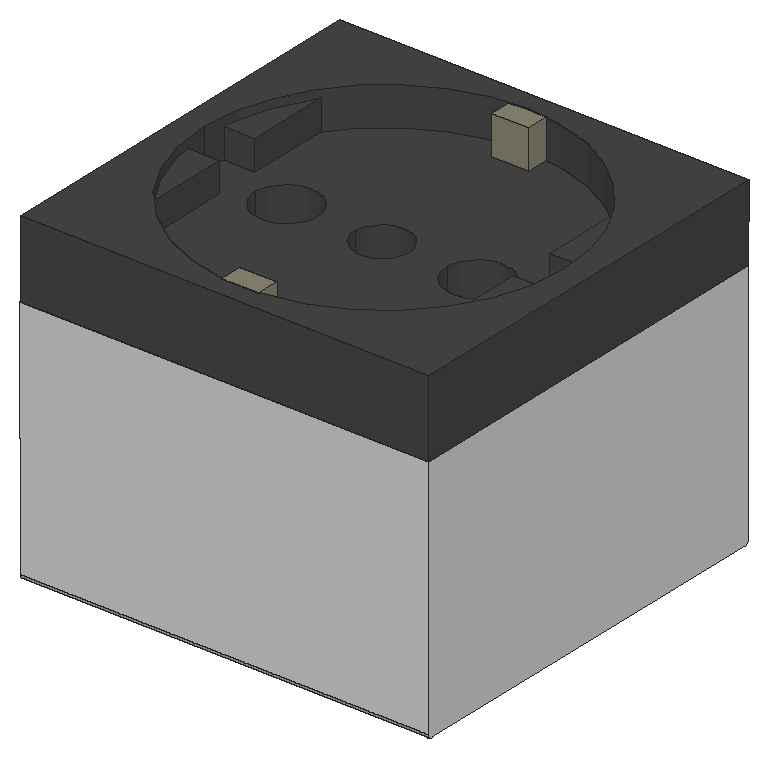
Revit family "Domotics-DomesticRanges-GEWISS-SYSTEM_POWER-SOCKET-OUTLET_ITADEU_P30_16A", category Apparecchi elettrici, host Superficie, Revit 2016
Family settings
  Host = Superficie
  Mantenere orientamento annotazione = Sì
  Tipo di parte = Normale
  Quota connettore circolare = Usa diametro
  Numero OmniClass = 23.80.50.14
  Titolo OmniClass = Plug Connectors
  Taglio con vuoti quando caricato = No
  Condiviso = Sì
  Punto di calcolo locali = Sì
Parameters (values of type "GW21205 - 16A 2P+E ITALIAN/GERMAN S.-OUTLET SY/BK")
  Voltage: = "250 V ac"
  Vista di pianta [instance] = yes
  Version file RFA = "19.4"
  URL = "https://www.gewiss.com/ww/en"
  Type = "P30"
  Tipo_ = SYSTEM-PRESA-ITA GER-P30-16A_BASE : GW21205 - PRESA 2P+T 16A ST.ITALIANO/TED.SY/BK
  Technical sheet = "https://www.gewiss.com/ww/en/search?q=GW21205"
  Standard: = "Italian / German"
  Simbolo = SIMBOLO PRESE : PRESA
  SIMBOLO [instance] = yes
  SEO = "Socket outlet"
  Realized by GEWISS S.p.A. = ""
  Produttore = "GEWISS S.p.A."
  Offset bidimensionale [instance] = 2 mm
  Offset presa [instance] = 0 mm
  No. SYSTEM modules = "2"
  Modello = "GW21205"
  Larghezza presa = 46 mm
  IFC.TypeObject = ""
  IFC.ExportType = ""
  IFC.ExportAs = ""
  IDT = "df81c5e5-2c0c-4c2a-931f-c685a58514bb"
  IDF = "c6428bf3-62b9-440f-ad57-68dc78301340"
  GW - Testo elettrico = "UNEL"
  For plug pins = "Ø 4 / 4.8 mm"
  Electrocod = "0131                "
  Earth pit = "Side and central"
  EAN code = "8011564128415"
  Distanza_x [instance] = 0 mm
  Distanza_effettiva_x [instance] = 1500 mm - Distanza_x  # 1500 mm
  Default Elevation = 1219.2 mm
  Immagine tipo = GW21205.jpg
  Descrizione = "16A 2P+E ITALIAN/GERMAN S.-OUTLET SY/BK"
  Description: = "2P+E - 16A"
  Description. = "Dual amperage socket-outlet"
  Colour = "Black"
  Catalogue Range = "SYSTEM - DOMESTIC RANGE"
  Catalogue = "DOMOTICS"
  COBie.Tagnumber = ""
  COBie.CreatedOn = ""
  COBie.CreatebBy = ""
  COBie.ComponentRegisterItemID = ""
  COBie.Component.TagNumber = ""
  COBie.Component.Space = ""
  COBie.Component.SerialNumber = ""
  COBie.Component.InstallationDate = ""
  COBie.Component.Description = ""
  COBie.Component.BarCode = ""
Types (2, lengths in mm): name | Tipo_ | Technical sheet | Modello | IDT | EAN code | Immagine tipo | Descrizione | Description. | Colour
  GW20205 - 16A 2P+E ITALIAN/GERMAN S.-OUTLET SY/WT | SYSTEM-PRESA-ITA GER-P30-16A_BASE : GW20205 - PRESA 2P+T 16A ST.ITALIANO/TED.SY/WT | "https://www.gewiss.com/ww/en/search?q=GW20205" | "GW20205" | "368461b2-458b-4017-84dd-a686561d8390" | "8011564000575" | GW20205.jpg | "16A 2P+E ITALIAN/GERMAN S.-OUTLET SY/WT" | "Socket-outlet 16 A" | "White"
  GW21205 - 16A 2P+E ITALIAN/GERMAN S.-OUTLET SY/BK | SYSTEM-PRESA-ITA GER-P30-16A_BASE : GW21205 - PRESA 2P+T 16A ST.ITALIANO/TED.SY/BK | "https://www.gewiss.com/ww/en/search?q=GW21205" | "GW21205" | "df81c5e5-2c0c-4c2a-931f-c685a58514bb" | "8011564128415" | GW21205.jpg | "16A 2P+E ITALIAN/GERMAN S.-OUTLET SY/BK" | "Dual amperage socket-outlet" | "Black"
Reference planes
  plane 1 "Centro (Fronte/Retro)": y = 0
  plane 2: z = 0
  plane 3 "Centro (Sinistra/Destra)": x = 0
  plane 4: z = 0
  plane 5 "bidimensionale": z = 41
  plane 6: x = 0
  plane 7: x = -23
  plane 8: x = 23
  plane 9: z = 39
  plane 10: y = 22.5
  plane 11: y = -22.5
  plane 12: x = -1500
Lines and regions (mm)
  Masking region 1, visible <- "Vista di pianta"
    outline origin (0, 0, 0) x (1, 0, 0) y (0, 0, 1)
      loop
        line (-23, 39) -> (-23, 0) -> (23, 0) -> (23, 39) -> (-23, 39)
  model lines, style "PRESA", detail levels coarse
    curve 1: line (-23, 2.538, 41) -> (23, 2.538, 41)
    curve 2: line (-23, -20.345, 41) -> (-23, 2.538, 41)
    curve 3: line (23, -20.345, 41) -> (-23, -20.345, 41)
    curve 4: line (23, 2.538, 41) -> (23, -20.345, 41)
    curve 5: arc (-20.345, 0, 41) -> (0, 20.345, 41) -> (20.345, 0, 41) r 20.345
    curve 6: arc (20.345, 0, 41) -> (0, -20.345, 41) -> (-20.345, 0, 41) r 20.345
    curve 7: line (-16.577, -11.795, 41) -> (-16.577, -2.538, 41)
    curve 8: line (-16.577, -2.538, 41) -> (-20.187, -2.538, 41)
    curve 9: line (-20.187, 2.538, 41) -> (-16.577, 2.538, 41)
    curve 10: line (-16.577, 2.538, 41) -> (-16.577, 11.795, 41)
    curve 11: arc (-7.245, -0.293, 41) -> (-10.781, 3.242, 41) -> (-14.316, -0.293, 41) r 3.536
    curve 12: arc (-14.316, -0.293, 41) -> (-10.781, -3.829, 41) -> (-7.245, -0.293, 41) r 3.536
    curve 13: arc (-3.085, -0.293, 41) -> (0, -3.378, 41) -> (3.085, -0.293, 41) r 3.085
    curve 14: arc (3.085, -0.293, 41) -> (0, 2.792, 41) -> (-3.085, -0.293, 41) r 3.085
    curve 15: arc (7.245, -0.293, 41) -> (10.781, -3.829, 41) -> (14.316, -0.293, 41) r 3.536
    curve 16: arc (14.316, -0.293, 41) -> (10.781, 3.242, 41) -> (7.245, -0.293, 41) r 3.536
    curve 17: line (16.577, 2.538, 41) -> (20.187, 2.538, 41)
    curve 18: line (16.577, 11.795, 41) -> (16.577, 2.538, 41)
    curve 19: line (20.187, -2.538, 41) -> (16.577, -2.538, 41)
    curve 20: line (16.577, -2.538, 41) -> (16.577, -11.795, 41)
    curve 21: line (-2.056, 20.241, 41) -> (-2.056, 17.726, 41)
    curve 22: line (-2.056, 17.726, 41) -> (2.056, 17.726, 41)
    curve 23: line (2.056, 17.726, 41) -> (2.056, 20.241, 41)
    curve 24: line (2.056, -17.726, 41) -> (-2.056, -17.726, 41)
    curve 25: line (2.056, -20.241, 41) -> (2.056, -17.726, 41)
    curve 26: line (-2.056, -17.726, 41) -> (-2.056, -20.241, 41)
Dimensions and locks
  "Offset presa": plane 4 to host face
  equal spacing: plane 7, plane 3 "Centro (Sinistra/Destra)", plane 8
  "Larghezza presa": plane 7 to plane 8
  locked: plane 9 to plane 4 at 39
  locked: plane 10 to plane 11 at 45
  "Offset bidimensionale": plane 5 "bidimensionale" to plane 9
  "Distanza_effettiva_x": plane 12 to plane 6
  plane 12 to plane 3 "Centro (Sinistra/Destra)" = 1500 mm
  aligned and locked: plane 2 to host face
  aligned and locked: level to host face
  aligned and locked: plane 1 "Centro (Fronte/Retro)" to nested 1
  aligned and locked: plane 3 "Centro (Sinistra/Destra)" to nested 1
  aligned and locked: plane 6 to nested 2
  aligned and locked: Masking region 1 sketch curve to plane 9
  aligned and locked: plane 7 to Masking region 1 sketch curve
  aligned and locked: plane 4 to Masking region 1 sketch curve
Automatic sketch dimensions
  host sketch curve to host sketch curve = 2438.4 mm  (x2)
  plane 1 "Centro (Fronte/Retro)" to curve 5 = 0 mm
  curve 6 to plane 3 "Centro (Sinistra/Destra)" = 0 mm
  curve 6 to curve 5 = 20.345 mm
  plane 1 "Centro (Fronte/Retro)" to curve 7 = 2.538 mm
  curve 7 to curve 7 = 9.258 mm
  curve 1 to curve 5 = 2.655 mm
  curve 9 to plane 1 "Centro (Fronte/Retro)" = 2.538 mm
  curve 9 to curve 9 = 3.609 mm
  plane 1 "Centro (Fronte/Retro)" to curve 11 = 0.293 mm
  curve 7 to curve 11 = 5.796 mm
  curve 7 to curve 11 = 2.261 mm
  curve 14 to plane 3 "Centro (Sinistra/Destra)" = 0 mm
  plane 1 "Centro (Fronte/Retro)" to curve 14 = 0.293 mm
  curve 13 to curve 13 = 3.085 mm
  plane 1 "Centro (Fronte/Retro)" to curve 16 = 0.293 mm
  curve 13 to curve 16 = 7.696 mm
  curve 15 to curve 15 = 3.536 mm
  curve 17 to plane 1 "Centro (Fronte/Retro)" = 2.538 mm
  curve 17 to curve 17 = 3.609 mm
  plane 1 "Centro (Fronte/Retro)" to curve 19 = 2.538 mm
  curve 15 to curve 19 = 2.261 mm
  curve 21 to plane 3 "Centro (Sinistra/Destra)" = 2.056 mm
  curve 21 to curve 21 = 2.515 mm
  plane 3 "Centro (Sinistra/Destra)" to curve 22 = 2.056 mm
  plane 3 "Centro (Sinistra/Destra)" to curve 25 = 2.056 mm
  curve 25 to curve 25 = 2.515 mm
  curve 24 to plane 3 "Centro (Sinistra/Destra)" = 2.056 mm
  curve 1 to plane 8 = 0 mm
  curve 1 to plane 1 "Centro (Fronte/Retro)" = 2.538 mm
  plane 11 to curve 3 = 2.155 mm
  Masking region 1 sketch curve to plane 8 = 0 mm
Nested families
  nested 1: "SYSTEM-PRESA-ITA GER-P30-16A_BASE" at (0, 0, 0), type <- "Tipo_", type "GW21205 - PRESA 2P+T 16A ST.ITALIANO/TED.SY/BK"
  nested 2: "SIMBOLO PRESE" at (0, 90.928, 0), TESTO ELETTRICO <- "GW - Testo elettrico", type <- "Simbolo", SIMBOLO <- "SIMBOLO", type "PRESA"
    with TESTO ELETTRICO "UNEL", SIMBOLO yes, Distanza dal muro 1 mm, BORDO ACCESO yes
Connectors
  electrical at (0, 0, 0)
    settings: on nested 1, index 1, voltage 0 V, apparent load 0 VA, apparent load phase1 0 VA, apparent load phase2 0 VA, apparent load phase3 0 VA, power factor 1, load classification "Other", number of poles 1, system type 31, power factor state 1, is connector primary yes, connector utility no, sub classification motor no, connector description ""
Definition of nested family "SYSTEM-PRESA-ITA GER-P30-16A_BASE"
  Parameters (values of type "GW21205 - PRESA 2P+T 16A ST.ITALIANO/TED.SY/BK")
    Struttura = none
    Pulsante = none
    Profondità supporto = 28.04 mm
    Profondità presa = 36.7 mm
    Metallo = none
    Larghezza presa = 46 mm
    Distanza simbolo = 30 mm
    Bidimensionale = 44.7 mm
    Altezza simbolo = 30 mm
    Altezza presa = 45 mm
  Types (2): name
    GW20205 - PRESA 2P+T 16A ST.ITALIANO/TED.SY/WT
    GW21205 - PRESA 2P+T 16A ST.ITALIANO/TED.SY/BK
  Reference planes
    plane 1 "Centro (Fronte/Retro)": y = 0
    plane 2: z = 0
    plane 3 "Centro (Sinistra/Destra)": x = 0
    plane 4: x = -23
    plane 5: x = 23
    plane 6: y = 22.5
    plane 7: y = -22.5
    plane 8 "PIANO BIDIMENSIONALE": z = 44.7
    plane 9: z = 28.04
    plane 10: z = 36.7
    plane 11: z = 32.37
  Forms (mm)
    Extrusion 1, solid, material <- "Struttura", detail levels medium+fine
      sketch origin (0, 0, 0) x (0, 1, 0) y (0, 0, 1)
        loop
          line (22.5, 0.5) -> (22.5, 28.04) -> (-22.5, 28.04) -> (-22.5, 0.5)
          arc (-22.5, 0.5) -> (-22.354, 0.146) -> (-22, 0) r 0.5
          line (-22, 0) -> (22, 0)
          arc (22, 0) -> (22.354, 0.146) -> (22.5, 0.5) r 0.5
      from -23 to 23
    Extrusion 2, solid, material <- "Pulsante", detail levels medium+fine
      sketch origin (0, 0, 0) x (0, 1, 0) y (0, 0, 1)
        loop
          line (-22.5, 28.04) -> (22.5, 28.04) -> (22.5, 32.37) -> (-22.5, 32.37) -> (-22.5, 28.04)
      from -23 to 23
    Extrusion 3, void, detail levels medium+fine
      sketch origin (0, 0, 44.7) x (-1, 0, 0) y (0, -1, 0)
        loop
          circle (10.781, 0.293) r 3.536
        loop
          circle (-10.781, 0.293) r 3.536
        loop
          circle (0, 0.293) r 3.085
      from -16.66 to -12.33
    Extrusion 4, solid, material <- "Pulsante", detail levels medium+fine
      sketch origin (0, 0, 44.7) x (-1, 0, 0) y (0, -1, 0)
        loop
          line (23, -22.5) -> (23, 22.5) -> (-23, 22.5) -> (-23, -22.5) -> (23, -22.5)
        loop
          circle (0, 0) r 20.345
      from -12.33 to -8
    Extrusion 5, solid, material <- "Metallo", detail levels medium+fine
      sketch origin (0, 0, 44.7) x (-1, 0, 0) y (0, -1, 0)
        loop
          line (2.056, -20.241) -> (2.056, -17.726) -> (-2.056, -17.726) -> (-2.056, -20.241)
          arc (-2.056, -20.241) -> (0, -20.345) -> (2.056, -20.241) r 20.345
        loop
          arc (2.056, 20.241) -> (0, 20.345) -> (-2.056, 20.241) r 20.345
          line (-2.056, 20.241) -> (-2.056, 17.726) -> (2.056, 17.726) -> (2.056, 20.241)
      from -12.33 to -8
    Extrusion 6, solid, material <- "Pulsante", detail levels medium+fine
      sketch origin (0, 0, 44.7) x (-1, 0, 0) y (0, -1, 0)
        loop
          line (16.577, -2.538) -> (16.577, -11.795)
          arc (16.577, -11.795) -> (18.956, -7.39) -> (20.187, -2.538) r 20.345
          line (20.187, -2.538) -> (16.577, -2.538)
        loop
          line (16.577, 2.538) -> (20.187, 2.538)
          arc (20.187, 2.538) -> (18.956, 7.39) -> (16.577, 11.795) r 20.345
          line (16.577, 11.795) -> (16.577, 2.538)
        loop
          line (-16.577, -2.538) -> (-20.187, -2.538)
          arc (-20.187, -2.538) -> (-18.956, -7.39) -> (-16.577, -11.795) r 20.345
          line (-16.577, -11.795) -> (-16.577, -2.538)
        loop
          line (-16.577, 2.538) -> (-16.577, 11.795)
          arc (-16.577, 11.795) -> (-18.956, 7.39) -> (-20.187, 2.538) r 20.345
          line (-20.187, 2.538) -> (-16.577, 2.538)
      from -12.33 to -8.935
  Cuts and joins
    Extrusion 3 cuts Extrusion 2
    joined: Extrusion 2, Extrusion 4
  Lines and regions (mm)
    Masking region 1
      outline origin (0, 0, 44.7) x (-1, 0, 0) y (0, -1, 0)
        loop
          line (23, -22.5) -> (23, 22.5) -> (-23, 22.5) -> (-23, -22.5) -> (23, -22.5)
        loop
          arc (20.345, 0) -> (20.306, 1.271) -> (20.187, 2.538) r 20.345
          line (20.187, 2.538) -> (16.577, 2.538) -> (16.577, 11.795)
          arc (16.577, 11.795) -> (10.229, 17.587) -> (2.056, 20.241) r 20.345
          line (2.056, 20.241) -> (2.056, 17.726) -> (-2.056, 17.726) -> (-2.056, 20.241)
          arc (-2.056, 20.241) -> (-10.229, 17.587) -> (-16.577, 11.795) r 20.345
          line (-16.577, 11.795) -> (-16.577, 2.538) -> (-20.187, 2.538)
          arc (-20.187, 2.538) -> (-20.306, 1.271) -> (-20.345, 0) r 20.345
          arc (-20.345, 0) -> (-20.306, -1.271) -> (-20.187, -2.538) r 20.345
          line (-20.187, -2.538) -> (-16.577, -2.538) -> (-16.577, -11.795)
          arc (-16.577, -11.795) -> (-10.229, -17.587) -> (-2.056, -20.241) r 20.345
          line (-2.056, -20.241) -> (-2.056, -17.726) -> (2.056, -17.726) -> (2.056, -20.241)
          arc (2.056, -20.241) -> (10.229, -17.587) -> (16.577, -11.795) r 20.345
          line (16.577, -11.795) -> (16.577, -2.538) -> (20.187, -2.538)
          arc (20.187, -2.538) -> (20.306, -1.271) -> (20.345, 0) r 20.345
    Masking region 2
      outline origin (0, 0, 44.7) x (-1, 0, 0) y (0, -1, 0)
        loop
          arc (16.577, 11.795) -> (10.229, 17.587) -> (2.056, 20.241) r 20.345
          line (2.056, 20.241) -> (2.056, 17.726) -> (-2.056, 17.726) -> (-2.056, 20.241)
          arc (-2.056, 20.241) -> (-10.229, 17.587) -> (-16.577, 11.795) r 20.345
          line (-16.577, 11.795) -> (-16.577, 2.538) -> (-20.187, 2.538)
          arc (-20.187, 2.538) -> (-20.306, 1.271) -> (-20.345, 0) r 20.345
          arc (-20.345, 0) -> (-20.306, -1.271) -> (-20.187, -2.538) r 20.345
          line (-20.187, -2.538) -> (-16.577, -2.538) -> (-16.577, -11.795)
          arc (-16.577, -11.795) -> (-10.229, -17.587) -> (-2.056, -20.241) r 20.345
          line (-2.056, -20.241) -> (-2.056, -17.726) -> (2.056, -17.726) -> (2.056, -20.241)
          arc (2.056, -20.241) -> (10.229, -17.587) -> (16.577, -11.795) r 20.345
          line (16.577, -11.795) -> (16.577, -2.538) -> (20.187, -2.538)
          arc (20.187, -2.538) -> (20.306, -1.271) -> (20.345, 0) r 20.345
          arc (20.345, 0) -> (20.306, 1.271) -> (20.187, 2.538) r 20.345
          line (20.187, 2.538) -> (16.577, 2.538) -> (16.577, 11.795)
        loop
          circle (10.781, 0.293) r 3.536
        loop
          circle (0, 0.293) r 3.085
        loop
          circle (-10.781, 0.293) r 3.536
    model lines, not visible, detail levels coarse
      curve 1: line (-23, 22.5, -28.04) -> (23, 22.5, -28.04)
      curve 2: line (-23, -22.5, -28.04) -> (-23, 22.5, -28.04)
      curve 3: line (23, -22.5, -28.04) -> (-23, -22.5, -28.04)
      curve 4: line (23, 22.5, -28.04) -> (23, -22.5, -28.04)
      curve 5: line (20.961, -11.913, -28.04) -> (20.961, 11.913, -28.04)
      curve 6: line (20.961, 11.913, -28.04) -> (16.013, 11.913, -28.04)
      curve 7: arc (16.013, 11.913, -28.04) -> (0, 19.959, -28.04) -> (-16.013, 11.913, -28.04) r 19.959
      curve 8: line (-20.961, 11.913, -28.04) -> (-16.013, 11.913, -28.04)
      curve 9: line (-20.961, -11.913, -28.04) -> (-20.961, 11.913, -28.04)
      curve 10: line (-16.493, -11.913, -28.04) -> (-20.961, -11.913, -28.04)
      curve 11: arc (-16.493, -11.913, -28.04) -> (0, -20.345, -28.04) -> (16.493, -11.913, -28.04) r 20.345
      curve 12: line (16.493, -11.913, -28.04) -> (20.961, -11.913, -28.04)
      curve 13: line (2.211, -20.225, -28.04) -> (2.211, -18.215, -28.04)
      curve 14: line (-2.211, -20.225, -28.04) -> (-2.211, -18.215, -28.04)
      curve 15: line (2.211, -18.215, -28.04) -> (-2.211, -18.215, -28.04)
      curve 16: line (-2.211, 19.836, -28.04) -> (-2.211, 17.826, -28.04)
      curve 17: line (2.211, 19.836, -28.04) -> (2.211, 17.826, -28.04)
      curve 18: line (2.211, 17.826, -28.04) -> (-2.211, 17.826, -28.04)
      curve 19: circle (0.006, -0.137, -28.04) r 2.942 normal (0, 0, 1)
      curve 20: arc (-9.662, -2.712, -28.04) -> (-7.04, -0.143, -28.04) -> (-9.805, 2.27, -28.04) r 2.5
      curve 21: arc (-9.805, 2.27, -28.04) -> (-15.774, -0.395, -28.04) -> (-9.662, -2.712, -28.04) r 3.536
      curve 22: arc (9.805, 2.27, -28.04) -> (7.04, -0.143, -28.04) -> (9.662, -2.712, -28.04) r 2.5
      curve 23: arc (9.662, -2.712, -28.04) -> (15.774, -0.395, -28.04) -> (9.805, 2.27, -28.04) r 3.536
      curve 24: line (71.377, 74.281, 39) -> (117.377, 74.281, 39)
      curve 25: line (71.377, 29.281, 39) -> (71.377, 74.281, 39)
      curve 26: line (117.377, 29.281, 39) -> (71.377, 29.281, 39)
      curve 27: line (117.377, 74.281, 39) -> (117.377, 29.281, 39)
      curve 28: line (77.8, 54.319, 39) -> (74.191, 54.319, 39)
      curve 29: line (77.8, 63.576, 39) -> (77.8, 54.319, 39)
      curve 30: circle (83.597, 51.488, 39) r 3.536 normal (0, 0, 1)
      curve 31: circle (94.377, 51.488, 39) r 3.085 normal (0, 0, 1)
      curve 32: circle (105.158, 51.488, 39) r 3.536 normal (0, 0, 1)
      curve 33: line (92.321, 69.507, 39) -> (96.433, 69.507, 39)
      curve 34: line (96.433, 69.507, 39) -> (96.433, 72.022, 39)
      curve 35: line (92.321, 72.022, 39) -> (92.321, 69.507, 39)
      curve 36: circle (94.377, 51.781, 39) r 20.345 normal (0, 0, 1)
      curve 37: line (77.8, 49.243, 39) -> (74.191, 49.243, 39)
      curve 38: line (77.8, 39.986, 39) -> (77.8, 49.243, 39)
      curve 39: line (110.955, 54.319, 39) -> (114.564, 54.319, 39)
      curve 40: line (110.955, 63.576, 39) -> (110.955, 54.319, 39)
      curve 41: line (110.955, 49.243, 39) -> (114.564, 49.243, 39)
      curve 42: line (110.955, 39.986, 39) -> (110.955, 49.243, 39)
      curve 43: line (92.321, 34.055, 39) -> (96.433, 34.055, 39)
      curve 44: line (96.433, 34.055, 39) -> (96.433, 31.54, 39)
      curve 45: line (92.321, 31.54, 39) -> (92.321, 34.055, 39)
  Dimensions and locks
    equal spacing: plane 4, plane 3 "Centro (Sinistra/Destra)", plane 5
    "Larghezza presa": plane 4 to plane 5
    equal spacing: plane 6, plane 1 "Centro (Fronte/Retro)", plane 7
    "Altezza presa": plane 6 to plane 7
    "Bidimensionale": plane 8 "PIANO BIDIMENSIONALE" to level
    plane 8 "PIANO BIDIMENSIONALE" to plane 9 = 16.66 mm
    "Profondità presa": plane 10 to plane 2
    "Profondità supporto": plane 9 to plane 2
    equal spacing: plane 10, plane 11, plane 9
    aligned and locked: level to plane 2
    aligned and locked: Extrusion 1 to Extrusion 2  (x2)
    aligned and locked: Extrusion 2 sketch curve to Extrusion 1
    aligned and locked: plane 9 to Extrusion 1
    aligned and locked: Extrusion 3 to Extrusion 1
    aligned and locked: Extrusion 2 to plane 4
    aligned and locked: plane 5 to Extrusion 2
    aligned and locked: Extrusion 4 sketch curve to Extrusion 1
    aligned and locked: Extrusion 2 to Extrusion 3
    aligned and locked: Extrusion 5 to cut or joined group of Extrusion 2, Extrusion 3, Extrusion 4
    aligned and locked: Extrusion 4 to Extrusion 2
    aligned and locked: Extrusion 4 to Extrusion 5
    aligned and locked: plane 11 to cut or joined group of Extrusion 2, Extrusion 3, Extrusion 4
    aligned and locked: Extrusion 6 to plane 11
    aligned and locked: Masking region 1 sketch curve to Extrusion 1  (x4)
  Automatic sketch dimensions
    curve 7 to curve 11 = 0 mm  (x4)
    curve 3 to curve 5 = 2.039 mm
    curve 5 to curve 12 = 4.468 mm
    curve 5 to curve 6 = 4.947 mm
    curve 11 to curve 23 = 4.253 mm
    curve 7 to curve 18 = 13.803 mm
    curve 12 to curve 13 = 14.282 mm
    curve 22 to curve 19 = 9.533 mm
    curve 19 to curve 11 = 0.006 mm
    curve 13 to curve 14 = 4.421 mm
    curve 17 to curve 18 = 4.421 mm
    curve 7 to curve 20 = 9.539 mm
    curve 20 to curve 21 = 2.701 mm
    curve 21 to curve 8 = 3.774 mm
    curve 21 to curve 10 = 4.253 mm
    curve 7 to curve 9 = 4.947 mm
    curve 9 to curve 2 = 2.039 mm
    curve 1 to curve 18 = 4.674 mm
    curve 1 to curve 6 = 10.587 mm
    curve 16 to curve 7 = 17.826 mm
    curve 7 to curve 19 = 0.137 mm
    curve 19 to curve 22 = 0.079 mm
    curve 7 to curve 20 = 0.215 mm
    curve 22 to curve 23 = 0.078 mm
    curve 20 to curve 21 = 0.078 mm
    curve 21 to curve 9 = 11.62 mm
    curve 13 to curve 13 = 2.01 mm
    curve 9 to curve 3 = 10.587 mm
    curve 22 to curve 22 = 0.266 mm
    curve 23 to curve 22 = 0.122 mm
    curve 20 to curve 21 = 0.122 mm
    curve 20 to curve 21 = 0.266 mm
    curve 22 to curve 22 = 2.486 mm
    Extrusion 1 sketch curve to plane 7 = 0 mm
    Extrusion 1 sketch curve to level = 0 mm
    Extrusion 1 sketch curve to plane 6 = 0 mm
    Extrusion 1 sketch curve to plane 9 = 0 mm
    plane 7 to Extrusion 1 sketch curve = 0.5 mm
    level to Extrusion 1 sketch curve = 0.5 mm
    Extrusion 2 sketch curve to plane 7 = 0 mm
    Extrusion 2 sketch curve to plane 6 = 0 mm
    Extrusion 4 sketch curve to plane 5 = 0 mm
    Extrusion 4 sketch curve to plane 6 = 0 mm
    Extrusion 4 sketch curve to plane 7 = 0 mm
    Extrusion 5 sketch curve to plane 3 "Centro (Sinistra/Destra)" = 2.056 mm  (x2)
    Extrusion 5 sketch curve to plane 6 = 4.774 mm
    plane 3 "Centro (Sinistra/Destra)" to Extrusion 5 sketch curve = 2.056 mm  (x2)
    Extrusion 5 sketch curve to plane 6 = 2.259 mm
    plane 1 "Centro (Fronte/Retro)" to Extrusion 5 sketch curve = 0 mm
    Extrusion 5 sketch curve to plane 3 "Centro (Sinistra/Destra)" = 0 mm
    plane 7 to Extrusion 5 sketch curve = 4.774 mm
    plane 7 to Extrusion 5 sketch curve = 2.259 mm
    Extrusion 5 sketch curve to Extrusion 5 sketch curve = 0 mm  (x2)
    plane 1 "Centro (Fronte/Retro)" to Extrusion 3 sketch curve = 0.293 mm  (x2)
    Extrusion 3 sketch curve to plane 3 "Centro (Sinistra/Destra)" = 10.781 mm
    plane 3 "Centro (Sinistra/Destra)" to Extrusion 3 sketch curve = 10.781 mm
    curve 30 to curve 32 = 0 mm
    curve 31 to curve 32 = 0 mm
    curve 41 to curve 32 = 5.796 mm
    curve 39 to curve 39 = 3.609 mm
    curve 41 to curve 41 = 3.609 mm
    curve 27 to curve 42 = 6.423 mm
    curve 43 to curve 45 = 4.112 mm
    curve 33 to curve 33 = 4.112 mm
    curve 30 to curve 28 = 5.796 mm
    curve 37 to curve 28 = 0 mm
    curve 37 to curve 37 = 3.609 mm
    curve 28 to curve 28 = 3.609 mm
    curve 29 to curve 25 = 6.423 mm
    curve 29 to curve 30 = 2.831 mm
    curve 39 to curve 32 = 2.831 mm
    curve 34 to curve 40 = 5.931 mm
    curve 35 to curve 35 = 2.515 mm
    curve 34 to curve 33 = 2.515 mm
    curve 24 to curve 29 = 10.705 mm
    curve 39 to curve 41 = 5.075 mm
    curve 43 to curve 44 = 2.515 mm
    curve 43 to curve 45 = 2.515 mm
    curve 42 to curve 27 = 10.705 mm
    curve 36 to curve 31 = 0 mm
    curve 36 to curve 31 = 0.293 mm
    Extrusion 6 sketch curve to Extrusion 6 sketch curve = 0 mm  (x12)
    plane 1 "Centro (Fronte/Retro)" to Extrusion 6 sketch curve = 0 mm
    Extrusion 6 sketch curve to plane 3 "Centro (Sinistra/Destra)" = 0 mm
    Extrusion 6 sketch curve to plane 1 "Centro (Fronte/Retro)" = 2.538 mm
    Extrusion 6 sketch curve to plane 5 = 6.423 mm  (x2)
    Extrusion 6 sketch curve to plane 5 = 2.813 mm  (x2)
    plane 4 to Extrusion 6 sketch curve = 6.423 mm  (x2)
    plane 4 to Extrusion 6 sketch curve = 2.813 mm  (x2)
    Extrusion 6 sketch curve to plane 1 "Centro (Fronte/Retro)" = 11.795 mm
    plane 1 "Centro (Fronte/Retro)" to Extrusion 6 sketch curve = 2.538 mm  (x2)
    Extrusion 2 sketch curve to plane 10 = 4.33 mm
    Masking region 1 sketch curve to Masking region 1 sketch curve = 0 mm  (x12)
    plane 1 "Centro (Fronte/Retro)" to Masking region 1 sketch curve = 0 mm
    Masking region 1 sketch curve to plane 3 "Centro (Sinistra/Destra)" = 0 mm
    Masking region 1 sketch curve to plane 3 "Centro (Sinistra/Destra)" = 2.056 mm  (x2)
    Masking region 1 sketch curve to plane 5 = 6.423 mm
    Masking region 1 sketch curve to Masking region 1 sketch curve = 2.515 mm  (x2)
    plane 3 "Centro (Sinistra/Destra)" to Masking region 1 sketch curve = 2.056 mm  (x2)
    Masking region 1 sketch curve to Masking region 1 sketch curve = 3.768 mm  (x2)
    Masking region 1 sketch curve to plane 1 "Centro (Fronte/Retro)" = 2.538 mm  (x2)
    plane 1 "Centro (Fronte/Retro)" to Masking region 1 sketch curve = 2.538 mm  (x2)
    Masking region 1 sketch curve to Masking region 1 sketch curve = 0.159 mm
    Masking region 1 sketch curve to Masking region 1 sketch curve = 3.609 mm
    Masking region 1 sketch curve to Masking region 1 sketch curve = 9.258 mm  (x2)
    plane 7 to Masking region 1 sketch curve = 2.259 mm
    Masking region 1 sketch curve to plane 5 = 2.813 mm
    Masking region 1 sketch curve to plane 6 = 4.774 mm
    plane 1 "Centro (Fronte/Retro)" to Masking region 2 sketch curve = 2.538 mm  (x2)
    plane 4 to Masking region 2 sketch curve = 2.813 mm
    plane 1 "Centro (Fronte/Retro)" to Masking region 2 sketch curve = 0 mm
    Masking region 2 sketch curve to plane 1 "Centro (Fronte/Retro)" = 2.538 mm  (x2)
    Masking region 2 sketch curve to plane 3 "Centro (Sinistra/Destra)" = 2.056 mm  (x2)
    Masking region 2 sketch curve to Masking region 2 sketch curve = 2.515 mm  (x4)
    Masking region 2 sketch curve to Masking region 2 sketch curve = 3.609 mm  (x2)
    plane 3 "Centro (Sinistra/Destra)" to Masking region 2 sketch curve = 2.056 mm  (x2)
    plane 1 "Centro (Fronte/Retro)" to Masking region 2 sketch curve = 0.293 mm  (x3)
    Masking region 2 sketch curve to Masking region 2 sketch curve = 5.796 mm  (x2)
    Masking region 2 sketch curve to Masking region 2 sketch curve = 3.536 mm
    Masking region 2 sketch curve to plane 3 "Centro (Sinistra/Destra)" = 0 mm  (x2)
    Masking region 2 sketch curve to Masking region 2 sketch curve = 3.085 mm
    Masking region 2 sketch curve to Masking region 2 sketch curve = 2.261 mm
    Masking region 2 sketch curve to Masking region 2 sketch curve = 0 mm  (x13)
    plane 4 to Masking region 2 sketch curve = 6.423 mm
    Masking region 2 sketch curve to plane 6 = 2.259 mm
    Masking region 2 sketch curve to plane 5 = 2.813 mm
    Masking region 2 sketch curve to Masking region 2 sketch curve = 9.258 mm
    radius of curve 19 = 2.942 mm
    radius of Extrusion 3 sketch curve = 3.536 mm  (x2)
    radius of curve 30 = 3.536 mm
    radius of curve 31 = 3.085 mm
    radius of curve 32 = 3.536 mm
Definition of nested family "SIMBOLO PRESE"
  Parameters (values of type "PRESA")
    TESTO ELETTRICO [instance] = "TXT"
    Simbolo = SIMBOLO PRESE_BASE : PRESA
    SIMBOLO [instance] = yes
    Distanza dal muro [instance] = 4.208 mm
    BORDO ACCESO [instance] = yes
  Reference planes
    plane 1: y = 0
    plane 2: x = 0
  Dimensions and locks
    "Distanza dal muro": plane 1 to nested 1
  Nested families
    nested 1: "SIMBOLO PRESE_BASE" at (0, 4.208, 0), type <- "Simbolo", TESTO ELETTRICO <- "TESTO ELETTRICO", BORDO ACCESO <- "BORDO ACCESO", visible <- "SIMBOLO", type "PRESA"
      with TESTO ELETTRICO "TXT", BORDO ACCESO yes
  Definition of nested family "SIMBOLO PRESE_BASE"
    Parameters (values of type "PRESA")
      TESTO ELETTRICO [instance] = "TXT"
      Distanza dal muro = 4.208 mm
      BORDO ACCESO [instance] = yes
    Reference planes
      plane 1: y = 0
      plane 2: x = 0
    Lines and regions (mm)
      detail lines, visible <- "BORDO ACCESO", not visible
        curve 1: line (-1.743, 9.208, 0) -> (2.057, 9.208, 0)
        curve 2: line (2.057, 9.208, 0) -> (2.057, 4.208, 0)
        curve 3: line (2.057, 4.208, 0) -> (-1.743, 4.208, 0)
        curve 4: line (-1.743, 4.208, 0) -> (-1.743, 9.208, 0)
        curve 5: line (-1.543, 9.008, 0) -> (1.857, 9.008, 0)
        curve 6: line (1.857, 9.008, 0) -> (1.857, 4.408, 0)
        curve 7: line (1.857, 4.408, 0) -> (-1.543, 4.408, 0)
        curve 8: line (-1.543, 4.408, 0) -> (-1.543, 9.008, 0)
      detail lines
        curve 9: line (0.783, 1.133, 0) -> (-0.783, 1.133, 0)
        curve 10: line (0, 1.133, 0) -> (0, 0.349, 0)
        curve 11: arc (-0.783, 1.916, 0) -> (0, 1.133, 0) -> (0.783, 1.916, 0) r 0.783
    Text (mm)
      label "TXT" at (0.016, 1.578, 0), shows "TESTO ELETTRICO"
